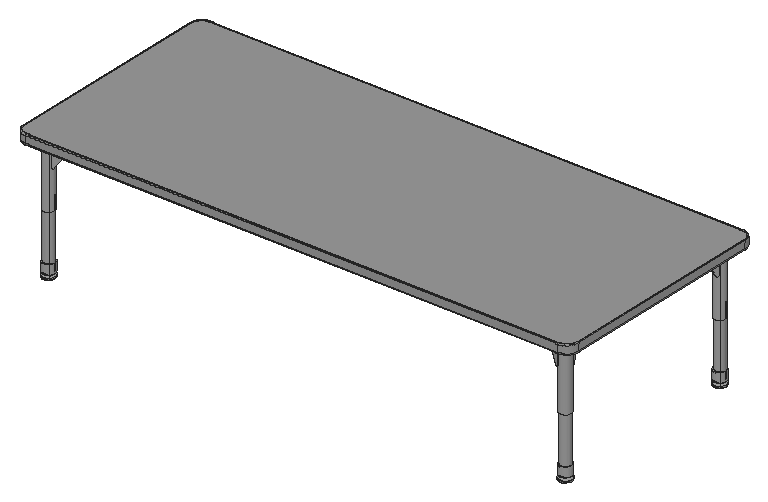
Revit family "Hierarchy Activity 72x30 Rectangle Table - Youth Height", category Furniture, Revit 2018
Family settings
  Work Plane-Based = No
  Always vertical = Yes
  Cut with Voids When Loaded = No
  Shared = No
  Room Calculation Point = No
Parameters
  Table Height = 1' - 4"
  Surface = Hierarchy Activity 72x30 Rectangle Table Youth Surface
  Leg Finish = Hierarchy Leg Platinum
  Edgeband = Hierarchy Activity 72x30 Rectangle Table Youth Edgeband
  Caster/Glide = Hierarchy Youth Leg - Glide : Hierarchy Youth Leg - Glide
Reference planes (in)
  plane 1 "Center (Front/Back)": y = 0
  plane 2: z = 0
  plane 3 "Center (Left/Right)": x = 0
  plane 4: z = 16
Dimensions and locks (in)
  "Table Height": plane 4 to level
  aligned and locked: plane 2 to level
  aligned and locked: nested 1 to plane 4
Nested families (in)
  nested 1: "Activity 72x30 Tabletop" at (0, 0, -7.925), type "Activity 72x30 Tabletop"
  nested 2: "Hierarchy Youth Leg - Glide" at (-33.51636, 12.51949, 0) x (0.7071, 0.7071, 0) z (0, 0, 1), type <- "Caster/Glide", Leg Finish <- "Leg Finish", Leg Height <- "Table Height", type "Hierarchy Youth Leg - Glide"
    with Leg Height 1' - 4", Leg Finish Hierarchy Leg Platinum
  nested 3: "Hierarchy Youth Leg - Glide" at (-33.51636, -12.51949, 0) x (-0.7071, 0.7071, 0) z (0, 0, 1), type <- "Caster/Glide", Leg Finish <- "Leg Finish", Leg Height <- "Table Height", type "Hierarchy Youth Leg - Glide"
    with Leg Height 1' - 4", Leg Finish Hierarchy Leg Platinum
  nested 4: "Hierarchy Youth Leg - Glide" at (33.51636, 12.51949, 0) x (-0.7071, 0.7071, 0) z (0, 0, 1), Leg Finish <- "Leg Finish", Leg Height <- "Table Height", type "Hierarchy Youth Leg - Glide"
    with Leg Height 1' - 4", Leg Finish Hierarchy Leg Platinum
  nested 5: "Hierarchy Youth Leg - Glide" at (33.51636, -12.51949, 0) x (0.7071, 0.7071, 0) z (0, 0, 1), Leg Finish <- "Leg Finish", Leg Height <- "Table Height", type "Hierarchy Youth Leg - Glide"
    with Leg Height 1' - 4", Leg Finish Hierarchy Leg Platinum
Definition of nested family "Activity 72x30 Tabletop"
  Parameters (values of type "Activity 72x30 Tabletop")
    Surface = none
    Edgeband = none
  Reference planes (in)
    plane 1 "Center (Front/Back)": y = 0
    plane 2: z = 0
    plane 3 "Center (Left/Right)": x = 0
  Forms (in)
    Extrusion 1, solid, material <- "Surface"
      sketch origin (0, -3, 0) x (1, 0, 0) y (0, 1, 0)
        loop
          line (34.5, 17.88189) -> (-34.5, 17.88189)
          arc (-34.5, 17.88189) -> (-35.47714, 17.47714) -> (-35.88189, 16.5) r 1.38189
          line (-35.88189, 16.5) -> (-35.88189, -10.5)
          arc (-35.88189, -10.5) -> (-35.47714, -11.47714) -> (-34.5, -11.88189) r 1.38189
          line (-34.5, -11.88189) -> (34.5, -11.88189)
          arc (34.5, -11.88189) -> (35.47714, -11.47714) -> (35.88189, -10.5) r 1.38189
          line (35.88189, -10.5) -> (35.88189, 16.5)
          arc (35.88189, 16.5) -> (35.47714, 17.47714) -> (34.5, 17.88189) r 1.38189
      from 23.925 to 25.125
    Sweep 2, solid, material <- "Edgeband"
      path origin (0, -3, 0) x (1, 0, 0) y (0, 1, 0)
        loop
          line (34.5, 17.88189) -> (-34.5, 17.88189)
          arc (-34.5, 17.88189) -> (-35.47714, 17.47714) -> (-35.88189, 16.5) r 1.38189
          line (-35.88189, 16.5) -> (-35.88189, -10.5)
          arc (-35.88189, -10.5) -> (-35.47714, -11.47714) -> (-34.5, -11.88189) r 1.38189
          line (-34.5, -11.88189) -> (34.5, -11.88189)
          arc (34.5, -11.88189) -> (35.47714, -11.47714) -> (35.88189, -10.5) r 1.38189
          line (35.88189, -10.5) -> (35.88189, 16.5)
          arc (35.88189, 16.5) -> (35.47714, 17.47714) -> (34.5, 17.88189) r 1.38189
      profile origin (0, 14.88189, 0) x (0, -1, 0) y (0, 0, 1)
        loop
          arc (0, 25.125) -> (-0.08352, 25.09041) -> (-0.11811, 25.00689) r 0.11811
          line (-0.11811, 25.00689) -> (-0.11811, 24.04311)
          arc (-0.11811, 24.04311) -> (-0.08352, 23.95959) -> (0, 23.925) r 0.11811
          line (0, 23.925) -> (0, 25.125)
  Dimensions and locks (in)
    aligned and locked: plane 2 to level
Definition of nested family "Hierarchy Youth Leg - Glide"
  Parameters (values of type "Hierarchy Youth Leg - Glide")
    Leg Finish [instance] = none
    Leg Height [instance] = 1' - 4.80117"
  Reference planes (in)
    plane 1 "Center (Front/Back)": y = 0
    plane 2: z = 0
    plane 3 "Center (Left/Right)": x = 0
  Forms (in)
    Extrusion 1, solid
      sketch origin (-0.01562, 0, 0) x (1, 0, 0) y (0, 1, 0)
        loop
          circle (0.01563, 0) r 0.67016
      from 0.67618 to 10.55018
    Revolve 2, solid
      sketch origin (0, 0, 0) x (1, 0, 0) y (0, 0, 1)
        loop
          line (-0.73189, 1.80118) -> (-0.79439, 1.73867) -> (-0.79439, 0.61381) -> (-0.73176, 0.55118) -> (-0.125, 0.55118) -> (-0.125, 0.42618) -> (-0.84656, 0.16241) -> (-0.84656, 0.08994) -> (-0.81359, 0) -> (0, 0) -> (0, 1.80118) -> (-0.73189, 1.80118)
        axis (0, 1.80118) -> (0, 0)
      angle from 0 to 360
  Dimensions and locks (in)
    "Leg Height": nested 1 to level  (x2)
    aligned and locked: plane 2 to level
  Automatic sketch dimensions
    plane 1 "Center (Front/Back)" to Extrusion 1 sketch curve = 0' - 0"
    Extrusion 1 sketch curve to plane 3 "Center (Left/Right)" = 0' - 0"
    Revolve 2 sketch curve to level = 0' - 0"
    Revolve 2 sketch curve to plane 3 "Center (Left/Right)" = 0' - 0"  (x2)
    Revolve 2 sketch curve to plane 3 "Center (Left/Right)" = 0' - 0 1/8"
    Revolve 2 sketch curve to Revolve 2 sketch curve = 0' - 0.60676"
    Revolve 2 sketch curve to Revolve 2 sketch curve = 0' - 0.73189"
    Revolve 2 sketch curve to Revolve 2 sketch curve = 0' - 0.06263"  (x2)
    Revolve 2 sketch curve to Revolve 2 sketch curve = 0' - 0.08183"
    Revolve 2 sketch curve to Revolve 2 sketch curve = 0' - 0.03297"
    level to Revolve 2 sketch curve = 0' - 0.08994"
    Revolve 2 sketch curve to Revolve 2 sketch curve = 0' - 0.07247"
    level to Revolve 2 sketch curve = 0' - 0.42618"
    Revolve 2 sketch curve to Revolve 2 sketch curve = 0' - 0 1/8"
    Revolve 2 sketch curve to Revolve 2 sketch curve = 0' - 1.12486"
    Revolve 2 sketch curve to Revolve 2 sketch curve = 0' - 0 1/16"
    Revolve 2 sketch curve to level = 2' - 0"
    Revolve 2 sketch curve to Revolve 2 sketch curve = 8' - 4.91764"
    radius of Extrusion 1 sketch curve = 0' - 0.67016"
  Nested families (in)
    nested 1: "Hierarchy Youth Upper Leg 2023" at (0, 0, 0), Leg Finish <- "Leg Finish", type "Hierarchy Youth Upper Leg 2023"
      with Leg Finish none
  Definition of nested family "Hierarchy Youth Upper Leg 2023"
    Parameters (values of type "Hierarchy Youth Upper Leg 2023")
      Leg Finish [instance] = none
    Reference planes (in)
      plane 1 "Center (Front/Back)": y = 0
      plane 2: z = 0
      plane 3 "Center (Left/Right)": x = 0
    Forms (in)
      Extrusion 1, solid, material <- "Leg Finish"
        sketch origin (0, 0, -11.001) x (1, 0, 0) y (0, 1, 0)
          loop
            circle (0, 0) r 0.75
        from 19.67618 to 27.67618
      Extrusion 2, solid, material <- "Leg Finish"
        sketch origin (0, 0, -11.001) x (1, 0, 0) y (0, 1, 0)
          loop
            line (-1.70174, 0.19183) -> (-2.88626, -2.26116)
            arc (-2.88626, -2.26116) -> (-2.83993, -3.09822) -> (-2.1063, -3.50394) r 0.86614
            line (-2.1063, -3.50394) -> (2.1063, -3.50394)
            arc (2.1063, -3.50394) -> (2.83993, -3.09822) -> (2.88626, -2.26116) r 0.86614
            line (2.88626, -2.26116) -> (1.70174, 0.19183)
            arc (1.70174, 0.19183) -> (0, 1.25984) -> (-1.70174, 0.19183) r 1.88976
        from 27.67618 to 27.80217
      Extrusion 3, solid, material <- "Leg Finish"
        sketch origin (-1.48519, 8.66524, -11.001) x (-0.434844, 0.900506, 0) y (0, 0, 1)
          loop
            line (-9.01425, 27.67618) -> (-11.80952, 27.67618)
            arc (-11.80952, 27.67618) -> (-11.92325, 27.58993) -> (-11.87088, 27.45715) r 0.11811
            arc (-11.87088, 27.45715) -> (-10.39364, 26.29679) -> (-9.23328, 24.81955) r 7.87402
            arc (-9.23328, 24.81955) -> (-9.1005, 24.76717) -> (-9.01425, 24.88091) r 0.11811
            line (-9.01425, 24.88091) -> (-9.01425, 27.67618)
        from -1.94075 to -1.81476
      Extrusion 4, solid, material <- "Leg Finish"
        sketch origin (1.48519, 8.66524, -11.001) x (0.434844, 0.900506, 0) y (0, 0, -1)
          loop
            line (-9.01425, -27.67618) -> (-9.01425, -24.88091)
            arc (-9.01425, -24.88091) -> (-9.1005, -24.76717) -> (-9.23328, -24.81955) r 0.11811
            arc (-9.23328, -24.81955) -> (-10.39364, -26.29679) -> (-11.87088, -27.45715) r 7.87402
            arc (-11.87088, -27.45715) -> (-11.92325, -27.58993) -> (-11.80952, -27.67618) r 0.11811
            line (-11.80952, -27.67618) -> (-9.01425, -27.67618)
        from -1.94075 to -1.81476
    Dimensions and locks (in)
      aligned and locked: plane 2 to level
